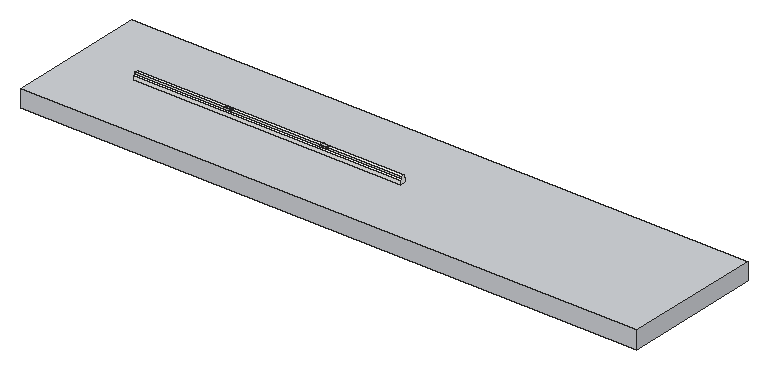
Revit family "Holocom-SMC Secure Medium Carrier-2015", category Security Devices, host Face, Revit 2015
Parameters (values of type "SDS - 60"")
  Width = 0' - 3 7/8"
  Unit Length = 5' - 6"
  URL = "www.holocom.com"
  Single Connector [instance] = Length Input > Unit Length  # yes
  Model - Connector = ""
  Length of Last Unit [instance] = if(Length Input < (Unit Length * 2), ((Unit Length * 2) - Length Input), Length Input - (No. Units * Unit Length))  # 4' - 3"
  Depth = 0' - 4 17/32"
  Connector [instance] = Length Input > Unit Length * 2  # yes
  No. Units [instance] = if(Length Input < (Unit Length * 2), 2, rounddown(Length Input / Unit Length))  # 2
  Model = "SMC-FM-RW-ST-20"
  Material = Holocom_WhiteTextured
  Manufacturer = "Holocom"
  Length Input [instance] = 15' - 3"
  Default Elevation = 0' - 0"
Reference planes (in)
  plane 1 "ref plane": z = 0
  plane 2 "Unit right": x = 60
  plane 3 "Carrier Left": x = -6
  plane 4 "Carrier Right": x = 177
  plane 5: x = 126
  plane 6: y = -0.9275
  plane 7 "Top": z = 4.53125
  plane 8 "Bottom of cover": z = 3.56825
  plane 9 "Base Elevation": z = 0
Forms (in)
  Extrusion 1, solid
    sketch origin (0, 0, 0) x (1, 0, 0) y (0, 1, 0)
      loop
        line (-48, 48) -> (-48, -48) -> (375.37254, -48) -> (375.37254, 48) -> (-48, 48)
    from 0 to -12
  Sweep 2, solid, material "Holocom_WhiteTextured" <- "Material"
    path origin (0, 0, 0) x (0, 1, 0) y (-1, 0, 0)
      loop
        line (-0.9275, 6) -> (-0.9275, -177)
    profile "SMC_Profile : SMC_Profile" origin (85.5, -0.9275, 0) x (0, 1, 0) y (0, 0, 1)
      loop
        line (-1.9344, 0) -> (1.9344, 0) -> (1.9344, 2.46484) -> (0.9375, 3.46175) -> (0.9375, 4.53125) -> (-0.9375, 4.53125) -> (-0.9375, 3.46175) -> (-1.9344, 2.46484) -> (-1.9344, 0)
Lines and regions (in)
  reference lines
    curve 1: line (177, 3.01, 0) -> (177, -4.865, 0)
    curve 2: line (-6, 3.01, 0) -> (-6, -4.865, 0)
Dimensions and locks (in)
  "Unit Length": plane 2 "Unit right" to plane 3 "Carrier Left"
  "Length Input": plane 3 "Carrier Left" to plane 4 "Carrier Right"
  "Unit Length": plane 5 to plane 2 "Unit right"
  group 1 to group 2 = 5' - 6"
  group 1 to group 2 = 0' - 0"  (x2)
  locked: plane 7 "Top" to plane 8 "Bottom of cover" at 0.963
  "Depth": plane 7 "Top" to plane 9 "Base Elevation"
  aligned and locked: Extrusion 1 to plane 1 "ref plane"
  aligned and locked: Extrusion 1 to level
  aligned and locked: curve 1 to plane 4 "Carrier Right"
  aligned and locked: curve 2 to plane 3 "Carrier Left"
  aligned and locked: plane 2 "Unit right" to nested 1
  aligned and locked: plane 6 to nested 1
  aligned and locked: plane 5 to nested 2
  aligned and locked: plane 3 "Carrier Left" to Sweep 2 sketch curve
  aligned and locked: plane 4 "Carrier Right" to Sweep 2 sketch curve
  aligned and locked: plane 6 to Sweep 2 sketch curve
Automatic sketch dimensions
  Extrusion 1 sketch curve to Extrusion 1 sketch curve = 35' - 3.37254"
  Extrusion 1 sketch curve to Extrusion 1 sketch curve = 8' - 0"
  plane 6 to curve 2 = 0' - 3 15/16"
  plane 6 to curve 1 = 0' - 3 15/16"
  curve 2 to plane 6 = 0' - 3 15/16"
  curve 1 to plane 6 = 0' - 3 15/16"
Nested families (in)
  nested 1: "Connector" at (55, -0.9275, 3.56825), visible <- "Connector", type "Connector"
    with Width 0' - 2 1/8", Offset 0' - 0", Depth 0' - 0 251/256"
  nested 2: "Connector" at (121, -0.9275, 3.56825), visible <- "Connector", type "Connector"
    with Width 0' - 2 1/8", Offset 0' - 0", Depth 0' - 0 251/256"
  nested 3: "Connector" at (55, -0.9275, 3.56825), visible <- "Single Connector", type "Connector"
    with Width 0' - 2 1/8", Offset 0' - 0", Depth 0' - 0 251/256"
Definition of nested family "Connector"
  Parameters (values of type "Connector")
    Width = 0' - 1 77/128"
    Offset = 0' - 0.25553"
    Material = none
    Length = 0' - 5"
    Depth = 0' - 0 115/128"
    Default Elevation = 4' - 0"
  Reference planes (in)
    plane 1 "Center (Front/Back)": y = 0
    plane 2: z = 0
    plane 3 "Connector Left": x = 0
    plane 4 "Connector Right": x = 5
    plane 5: y = 0.80078
    plane 6: y = -0.80078
    plane 7: z = 1.15396
    plane 8 "Back of Mini Dukt": z = 0.25553
  Forms (in)
    Extrusion 1, solid
      sketch origin (0, 0, 0) x (1, 0, 0) y (0, 1, 0)
        loop
          line (-48, 48) -> (-48, -48) -> (48, -48) -> (48, 48) -> (-48, 48)
      from 0 to -12
    Extrusion 2, solid, material <- "Material"
      sketch origin (0, 0, 0) x (0, 1, 0) y (0, 0, 1)
        loop
          line (-0.80078, 0.25553) -> (0.80078, 0.25553) -> (0.80078, 1.02896)
          arc (0.80078, 1.02896) -> (0.76417, 1.11735) -> (0.67578, 1.15396) r 0.125
          line (0.67578, 1.15396) -> (-0.67578, 1.15396)
          arc (-0.67578, 1.15396) -> (-0.76417, 1.11735) -> (-0.80078, 1.02896) r 0.125
          line (-0.80078, 1.02896) -> (-0.80078, 0.25553)
      from 0 to 5
  Lines and regions (in)
    reference lines
      curve 1: line (0, 0, 0) -> (5, 0, 0)
  Dimensions and locks (in)
    equal spacing: plane 5, plane 1 "Center (Front/Back)", plane 6
    "Width": plane 5 to plane 6
    "Length": plane 3 "Connector Left" to plane 4 "Connector Right"
    "Depth": plane 7 to plane 8 "Back of Mini Dukt"
    "Offset": plane 8 "Back of Mini Dukt" to plane 2
    aligned and locked: plane 2 to Extrusion 1
    aligned and locked: level to Extrusion 1
    aligned and locked: plane 5 to Extrusion 2 sketch curve
    aligned and locked: plane 7 to Extrusion 2 sketch curve
    aligned and locked: Extrusion 2 sketch curve to plane 6
    aligned and locked: plane 4 "Connector Right" to Extrusion 2
    aligned and locked: plane 3 "Connector Left" to curve 1
    aligned and locked: plane 4 "Connector Right" to curve 1
    aligned and locked: plane 1 "Center (Front/Back)" to curve 1
    aligned and locked: Extrusion 2 sketch curve to plane 8 "Back of Mini Dukt"
  Automatic sketch dimensions
    Extrusion 1 sketch curve to Extrusion 1 sketch curve = 8' - 0"  (x2)
    plane 6 to Extrusion 2 sketch curve = 0' - 0 1/8"
    Extrusion 2 sketch curve to plane 5 = 0' - 0 1/8"
